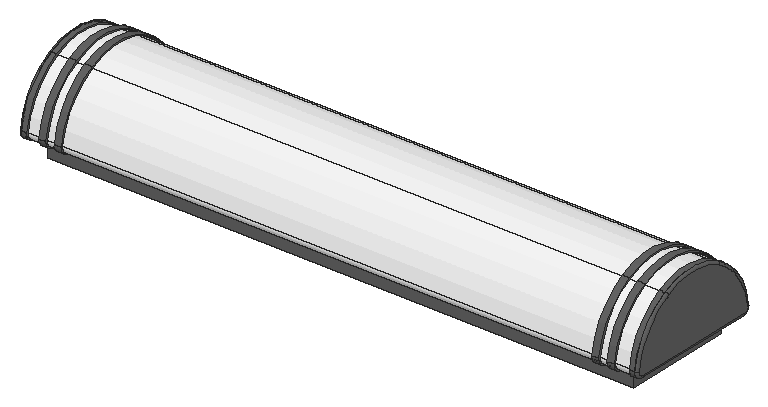
Revit family "AFX-Palmer-LED_Vanity-1", category Lighting Fixtures, host Face, Revit 2021
Family settings
  Host = Face
  Round Connector Dimension = Use Diameter
  Part Type = Normal
  Cut with Voids When Loaded = No
  Light Source = Yes
  Shared = No
  Room Calculation Point = No
Parameters (values of type "PLMV2406LAJUDBK")
  Wattage Comments = "25W"
  Wattage = 9.2903 W
  built-in parameter 1150110 = 1 (stored number, unit not read)
  Voltage = 120 V
  URL = "https://www.afxinc.com/"
  Type Comments = "Palmer"  # constant formula
  built-in parameter 1114217 = 1 (stored number, unit not read)
  Tilt Angle = 90.00°
  built-in parameter 1150109 = 1 (stored number, unit not read)
  built-in parameter 1150134 = 3
  Sustainability = "https://lamprecycle.org/en/"
  built-in parameter 1150113 = 1 (stored number, unit not read)
  Supports Finish = AFX - Black Steel
  Revit File Built By = "https://servex-us.com/servex-revit/"
  Product Documentation Link = "https://www.afxinc.com/products/productDetail.cfm?productID=2423"
  Photometric Web File = "PLMV2406LAJUDBK_3000K_IES.IES"
  built-in parameter 1150142 = "IESNA:LM-63-2002\r\n[TEST] LCZP23110088\r\n[TESTLAB] LCTECH 231115105006\r\n[TESTDATE] 2023/11/17\r\n[ISSUEDATE] 2023/11/17\r\n[MANUFAC] AFX\r\n[LUMCAT] PLMV2406LAJUD**\r\n[LUMINAIRE] LED µÆ??\r\n[LAMPCAT] \r\n[LAMP] \r\n[LumELE] 119.98 0.196 23.37 0.9933\r\nTILT=NONE\r\n1 2366.78 1 37 7 1 2 0.135 0.595 0.065\r\n1 1 23.37\r\n0.00 5.00 10.00 15.00 20.00 25.00 30.00 35.00 40.00 45.00 50.00 55.00 60.00 65.00 70.00 75.00 80.00 85.00 90.00 95.00 100.00 105.00 110.00 115.00 120.00 125.00 130.00 135.00 140.00 145.00 150.00 155.00 160.00 165.00 170.00 175.00 180.00\r\n0.00 15.00 30.00 45.00 60.00 75.00 90.00\r\n558.007 555.299 546.721 532.274 513.313 489.385 461.846 429.341 393.224 355.301 311.96 269.523 240.178 178.779 130.473 87.584 47.404 16.253 2.257 2.709 3.612 6.32 8.578 11.287 13.995 16.253 18.51 20.767 22.573 24.379 25.733 27.539 28.442 27.539 25.282 \r\n27.539 13.659\r\n558.007 555.075 546.73 533.423 514.702 491.02 463.954 432.151 403.963 360.652 320.731 279.455 237.503 194.875 153.599 115.481 88.185 55.26 36.314 25.262 19.623 16.465 15.337 15.563 16.014 17.593 18.946 20.525 22.104 23.908 25.262 26.39 26.615 25.713 \r\n24.585 27.065 13.659\r\n558.007 555.078 547.866 534.795 521.273 496.257 470.565 441.944 410.392 376.362 340.754 304.47 268.411 232.804 198.548 166.32 137.699 111.782 90.823 74.146 62.652 50.707 42.82 36.96 32.678 29.072 27.495 26.593 26.368 26.593 27.269 27.72 28.171 27.269 \r\n25.466 26.593 13.659\r\n558.007 555.981 549.22 537.50 522.853 503.696 481.16 456.142 428.196 398.223 367.798 336.698 304.696 273.822 243.623 215.002 187.731 163.392 141.758 121.699 104.573 89.923 76.853 66.258 58.592 49.356 42.595 37.637 34.256 32.002 30.652 30.652 30.652 29.976\r\n 27.949 26.592 13.659\r\n558.007 555.986 549.701 540.05 524.10 510.645 491.343 469.345 445.328 419.741 392.806 364.523 336.466 308.633 280.576 253.642 227.379 202.69 180.692 158.918 140.063 122.332 106.619 92.254 79.907 68.46 59.033 50.054 44.215 38.382 35.24 32.548 32.099 31.429\r\n 29.855 26.71 13.659\r\n558.007 556.448 551.309 542.595 530.535 515.791 498.591 478.708 456.815 434.482 409.237 383.995 358.085 331.281 304.474 277.892 252.421 228.076 205.294 182.951 162.627 143.415 125.987 109.684 95.162 82.205 70.145 59.423 50.487 43.338 38.42 35.071 32.834 \r\n32.615 30.606 27.694 13.659\r\n558.007 556.683 551.385 542.556 531.961 516.951 501.059 481.193 461.769 439.254 415.415 390.693 365.089 339.484 312.113 286.067 260.462 236.182 212.784 190.711 169.963 150.98 132.88 115.663 100.653 86.968 74.166 63.129 52.975 45.029 39.732 35.758 33.11 \r\n32.668 31.344 26.046 13.659\r\n"
  Model = "PLMV2406LAJUDBK"
  Manufacturer = "AFX Inc"  # constant formula
  built-in parameter 1150105 = 109.82 (stored number, unit not read)
  Lumens = 1380 lm
  built-in parameter 1150115 = 1 (stored number, unit not read)
  built-in parameter 1150137 = (empty or 0)
  built-in parameter 1150139 = (empty or 0)
  Length = 24"
  built-in parameter 1150112 = 1 (stored number, unit not read)
  built-in parameter 1150114 = 1 (stored number, unit not read)
  Lamp = ""
  Keynote = "12500"  # constant formula
  built-in parameter 1150132 = (empty or 0)
  built-in parameter 1150102 = (empty or 0)
  built-in parameter 1150107 = 3200 (stored number, unit not read)
  built-in parameter 1150138 = (empty or 0)
  built-in parameter 1150106 = 1.0982 (stored number, unit not read)
  Housing Finish = AFX - Black Steel
  Height = 5 1/2"
  Emit from Rectangle Width = Length - 1/4"  # 23 3/4"
  Emit from Rectangle Length = 5"
  Emit Shape Visible in Rendering = no
  built-in parameter 1150104 = 13.8 (stored number, unit not read)
  Dimming Lamp Color Temperature Shift = <None>
  Diffuser Finish = AFX - White Acrylic
  Description = "LED Vanity - 24\"L x 5 1/2\"H x 3 1/2\"D"
  Depth = 3 1/2"
  Default Elevation = 48"
  Colour Rendering Index = "80"
  Color Filter = 16777215
  Cap Finish = AFX - Black Steel
  built-in parameter 1114218 = 1 (stored number, unit not read)
  built-in parameter 1150133 = 10 (stored number, unit not read)
  Assembly Code = "D5020200"
  Apparent Load = 0 VA
Types (4): name | Product Documentation Link | Photometric Web File | built-in parameter 1150142 | Model | Length | Emit from Rectangle Width | Description
  (no name) | "https://www.afxinc.com/products/productDetail.cfm?productID=2423" | "PLMV2406LAJUDBK_3000K_IES.IES" | "IESNA:LM-63-2002\r\n[TEST] LCZP23110088\r\n[TESTLAB] LCTECH 231115105006\r\n[TESTDATE] 2023/11/17\r\n[ISSUEDATE] 2023/11/17\r\n[MANUFAC] AFX\r\n[LUMCAT] PLMV2406LAJUD**\r\n[LUMINAIRE] LED µÆ??\r\n[LAMPCAT] \r\n[LAMP] \r\n[LumELE] 119.98 0.196 23.37 0.9933\r\nTILT=NONE\r\n1 2366.78 1 37 7 1 2 0.135 0.595 0.065\r\n1 1 23.37\r\n0.00 5.00 10.00 15.00 20.00 25.00 30.00 35.00 40.00 45.00 50.00 55.00 60.00 65.00 70.00 75.00 80.00 85.00 90.00 95.00 100.00 105.00 110.00 115.00 120.00 125.00 130.00 135.00 140.00 145.00 150.00 155.00 160.00 165.00 170.00 175.00 180.00\r\n0.00 15.00 30.00 45.00 60.00 75.00 90.00\r\n558.007 555.299 546.721 532.274 513.313 489.385 461.846 429.341 393.224 355.301 311.96 269.523 240.178 178.779 130.473 87.584 47.404 16.253 2.257 2.709 3.612 6.32 8.578 11.287 13.995 16.253 18.51 20.767 22.573 24.379 25.733 27.539 28.442 27.539 25.282 \r\n27.539 13.659\r\n558.007 555.075 546.73 533.423 514.702 491.02 463.954 432.151 403.963 360.652 320.731 279.455 237.503 194.875 153.599 115.481 88.185 55.26 36.314 25.262 19.623 16.465 15.337 15.563 16.014 17.593 18.946 20.525 22.104 23.908 25.262 26.39 26.615 25.713 \r\n24.585 27.065 13.659\r\n558.007 555.078 547.866 534.795 521.273 496.257 470.565 441.944 410.392 376.362 340.754 304.47 268.411 232.804 198.548 166.32 137.699 111.782 90.823 74.146 62.652 50.707 42.82 36.96 32.678 29.072 27.495 26.593 26.368 26.593 27.269 27.72 28.171 27.269 \r\n25.466 26.593 13.659\r\n558.007 555.981 549.22 537.50 522.853 503.696 481.16 456.142 428.196 398.223 367.798 336.698 304.696 273.822 243.623 215.002 187.731 163.392 141.758 121.699 104.573 89.923 76.853 66.258 58.592 49.356 42.595 37.637 34.256 32.002 30.652 30.652 30.652 29.976\r\n 27.949 26.592 13.659\r\n558.007 555.986 549.701 540.05 524.10 510.645 491.343 469.345 445.328 419.741 392.806 364.523 336.466 308.633 280.576 253.642 227.379 202.69 180.692 158.918 140.063 122.332 106.619 92.254 79.907 68.46 59.033 50.054 44.215 38.382 35.24 32.548 32.099 31.429\r\n 29.855 26.71 13.659\r\n558.007 556.448 551.309 542.595 530.535 515.791 498.591 478.708 456.815 434.482 409.237 383.995 358.085 331.281 304.474 277.892 252.421 228.076 205.294 182.951 162.627 143.415 125.987 109.684 95.162 82.205 70.145 59.423 50.487 43.338 38.42 35.071 32.834 \r\n32.615 30.606 27.694 13.659\r\n558.007 556.683 551.385 542.556 531.961 516.951 501.059 481.193 461.769 439.254 415.415 390.693 365.089 339.484 312.113 286.067 260.462 236.182 212.784 190.711 169.963 150.98 132.88 115.663 100.653 86.968 74.166 63.129 52.975 45.029 39.732 35.758 33.11 \r\n32.668 31.344 26.046 13.659\r\n" | "PLMV2406LAJUDBK" | 24" | 23 3/4" | "LED Vanity - 24\"L x 5 1/2\"H x 3 1/2\"D"
  PLMV2406LAJUDBK | "https://www.afxinc.com/products/productDetail.cfm?productID=2423" | "PLMV2406LAJUDBK_3000K_IES.IES" | "IESNA:LM-63-2002\r\n[TEST] LCZP23110088\r\n[TESTLAB] LCTECH 231115105006\r\n[TESTDATE] 2023/11/17\r\n[ISSUEDATE] 2023/11/17\r\n[MANUFAC] AFX\r\n[LUMCAT] PLMV2406LAJUD**\r\n[LUMINAIRE] LED µÆ??\r\n[LAMPCAT] \r\n[LAMP] \r\n[LumELE] 119.98 0.196 23.37 0.9933\r\nTILT=NONE\r\n1 2366.78 1 37 7 1 2 0.135 0.595 0.065\r\n1 1 23.37\r\n0.00 5.00 10.00 15.00 20.00 25.00 30.00 35.00 40.00 45.00 50.00 55.00 60.00 65.00 70.00 75.00 80.00 85.00 90.00 95.00 100.00 105.00 110.00 115.00 120.00 125.00 130.00 135.00 140.00 145.00 150.00 155.00 160.00 165.00 170.00 175.00 180.00\r\n0.00 15.00 30.00 45.00 60.00 75.00 90.00\r\n558.007 555.299 546.721 532.274 513.313 489.385 461.846 429.341 393.224 355.301 311.96 269.523 240.178 178.779 130.473 87.584 47.404 16.253 2.257 2.709 3.612 6.32 8.578 11.287 13.995 16.253 18.51 20.767 22.573 24.379 25.733 27.539 28.442 27.539 25.282 \r\n27.539 13.659\r\n558.007 555.075 546.73 533.423 514.702 491.02 463.954 432.151 403.963 360.652 320.731 279.455 237.503 194.875 153.599 115.481 88.185 55.26 36.314 25.262 19.623 16.465 15.337 15.563 16.014 17.593 18.946 20.525 22.104 23.908 25.262 26.39 26.615 25.713 \r\n24.585 27.065 13.659\r\n558.007 555.078 547.866 534.795 521.273 496.257 470.565 441.944 410.392 376.362 340.754 304.47 268.411 232.804 198.548 166.32 137.699 111.782 90.823 74.146 62.652 50.707 42.82 36.96 32.678 29.072 27.495 26.593 26.368 26.593 27.269 27.72 28.171 27.269 \r\n25.466 26.593 13.659\r\n558.007 555.981 549.22 537.50 522.853 503.696 481.16 456.142 428.196 398.223 367.798 336.698 304.696 273.822 243.623 215.002 187.731 163.392 141.758 121.699 104.573 89.923 76.853 66.258 58.592 49.356 42.595 37.637 34.256 32.002 30.652 30.652 30.652 29.976\r\n 27.949 26.592 13.659\r\n558.007 555.986 549.701 540.05 524.10 510.645 491.343 469.345 445.328 419.741 392.806 364.523 336.466 308.633 280.576 253.642 227.379 202.69 180.692 158.918 140.063 122.332 106.619 92.254 79.907 68.46 59.033 50.054 44.215 38.382 35.24 32.548 32.099 31.429\r\n 29.855 26.71 13.659\r\n558.007 556.448 551.309 542.595 530.535 515.791 498.591 478.708 456.815 434.482 409.237 383.995 358.085 331.281 304.474 277.892 252.421 228.076 205.294 182.951 162.627 143.415 125.987 109.684 95.162 82.205 70.145 59.423 50.487 43.338 38.42 35.071 32.834 \r\n32.615 30.606 27.694 13.659\r\n558.007 556.683 551.385 542.556 531.961 516.951 501.059 481.193 461.769 439.254 415.415 390.693 365.089 339.484 312.113 286.067 260.462 236.182 212.784 190.711 169.963 150.98 132.88 115.663 100.653 86.968 74.166 63.129 52.975 45.029 39.732 35.758 33.11 \r\n32.668 31.344 26.046 13.659\r\n" | "PLMV2406LAJUDBK" | 24" | 23 3/4" | "LED Vanity - 24\"L x 5 1/2\"H x 3 1/2\"D"
  PLMV3606LAJUDBK | "https://www.afxinc.com/products/productDetail.cfm?productID=2426" | "PLMV3606LAJUDBK_3000K_IES.IES" | "IESNA:LM-63-2002\r\n[TEST] \r\n[TESTLAB] LCTECH 231115105007\r\n[TESTDATE] 2023/11/17\r\n[ISSUEDATE] 2023/11/17\r\n[MANUFAC] AFX\r\n[LUMCAT] PLMV3606LAJUD**\r\n[LUMINAIRE] LED µÆ??\r\n[LAMPCAT] \r\n[LAMP] \r\n[LumELE] 120.01 0.239 28.55 0.9937\r\nTILT=NONE\r\n1 2687.06 1 37 7 1 2 0.135 0.9 0.07\r\n1 1 28.55\r\n0.00 5.00 10.00 15.00 20.00 25.00 30.00 35.00 40.00 45.00 50.00 55.00 60.00 65.00 70.00 75.00 80.00 85.00 90.00 95.00 100.00 105.00 110.00 115.00 120.00 125.00 130.00 135.00 140.00 145.00 150.00 155.00 160.00 165.00 170.00 175.00 180.00\r\n0.00 15.00 30.00 45.00 60.00 75.00 90.00\r\n627.094 624.375 614.86 599.908 579.065 552.785 522.427 486.632 447.665 404.621 357.045 309.016 277.299 204.802 151.336 99.683 54.372 18.124 3.172 2.719 5.89 9.515 13.593 17.671 21.749 26.28 29.905 33.076 36.701 39.873 42.139 41.232 38.967 38.061 40.779 \r\n44.857 22.379\r\n627.094 623.474 614.878 600.399 580.039 554.25 524.387 489.324 459.246 410.371 364.90 318.75 270.338 222.151 175.778 131.437 99.756 61.987 40.496 28.053 21.718 19.456 19.682 21.492 23.528 26.016 28.731 30.767 33.255 35.065 37.102 38.233 38.46 40.042 \r\n41.851 45.47 22.379\r\n627.094 624.61 616.479 602.02 588.027 560.227 531.768 499.914 464.675 425.594 385.834 344.50 303.157 262.723 223.866 187.724 154.291 126.052 102.335 82.681 70.701 56.928 48.796 43.148 39.307 37.274 37.048 37.725 38.63 39.984 41.566 43.146 42.019 39.985 \r\n42.016 45.179 22.379\r\n627.094 624.393 616.516 604.361 587.254 566.771 540.66 513.427 481.238 448.153 412.814 377.025 341.909 307.023 273.256 240.847 210.461 183.00 158.69 136.409 117.949 100.842 87.112 75.183 67.519 57.848 51.771 47.72 46.369 45.469 44.795 45.919 45.697 43.446\r\n 42.315 44.338 22.379\r\n627.094 625.303 618.342 607.345 588.683 573.458 551.238 526.546 499.388 470.666 440.818 408.722 377.528 345.658 314.01 283.932 254.751 228.273 203.137 179.57 157.799 138.268 120.537 105.274 91.134 79.462 68.914 60.607 55.21 51.179 49.383 47.587 48.036 \r\n46.921 44.223 43.084 22.379\r\n627.094 624.425 618.624 608.598 595.01 577.625 558.017 535.955 510.772 484.923 457.743 429.214 399.579 370.164 340.072 310.889 282.365 255.174 229.986 205.259 183.637 162.021 142.633 124.582 108.314 93.825 81.123 70.199 61.289 55.495 52.374 49.92 48.803 \r\n48.808 46.37 43.228 22.379\r\n627.094 624.901 618.762 609.114 595.958 579.733 560.438 539.827 515.27 490.273 463.085 436.335 407.392 378.01 349.506 319.686 291.182 264.87 238.997 214.44 191.198 169.71 149.538 131.558 114.894 99.546 85.951 74.111 64.463 57.447 53.50 50.869 48.677 \r\n49.115 49.115 40.345 22.379\r\n" | "PLMV3606LAJUDBK" | 36" | 35 3/4" | "LED Vanity - 36\"L x 5 1/2\"H x 3 1/2\"D"
  PLMV4806LAJUDBK | "https://www.afxinc.com/products/productDetail.cfm?productID=2427" | "PLMV4806LAJUDSN_3000K_IES.IES" | "IESNA:LM-63-2002\r\n[TEST] \r\n[TESTLAB] LCTECH 231115105008\r\n[TESTDATE] 2023/11/17\r\n[ISSUEDATE] 2023/11/17\r\n[MANUFAC] AFX\r\n[LUMCAT] PLMV4806LAJUD**\r\n[LUMINAIRE] LED µÆ??\r\n[LAMPCAT] \r\n[LAMP] \r\n[LumELE] 120.01 0.32 38.1 0.9921\r\nTILT=NONE\r\n1 3880.9 1 37 7 1 2 0.135 1.2 0.07\r\n1 1 38.1\r\n0.00 5.00 10.00 15.00 20.00 25.00 30.00 35.00 40.00 45.00 50.00 55.00 60.00 65.00 70.00 75.00 80.00 85.00 90.00 95.00 100.00 105.00 110.00 115.00 120.00 125.00 130.00 135.00 140.00 145.00 150.00 155.00 160.00 165.00 170.00 175.00 180.00\r\n0.00 15.00 30.00 45.00 60.00 75.00 90.00\r\n886.00 881.471 868.335 847.045 818.055 783.63 740.598 690.772 635.51 574.36 510.492 438.923 395.892 292.616 216.97 143.59 78.363 26.272 4.077 4.53 9.059 14.042 19.93 25.819 31.708 37.143 42.126 47.108 51.638 53.903 54.356 54.809 57.527 60.697 63.868 \r\n67.492 32.84\r\n886.00 880.802 869.049 848.707 820.68 784.97 743.385 695.241 652.33 584.266 520.757 455.663 387.632 320.963 252.476 191.001 146.217 91.552 61.039 42.729 34.137 30.519 29.839 32.098 34.584 37.748 41.59 44.979 48.37 51.311 50.86 51.537 54.70 59.219 63.061 \r\n67.58 32.84\r\n886.00 882.177 870.704 851.357 831.595 793.767 754.844 710.524 661.938 607.714 552.378 495.681 436.518 379.368 324.918 272.721 226.378 185.428 151.231 124.224 106.647 86.647 74.944 66.391 60.537 56.484 54.907 54.907 55.58 57.377 58.28 57.384 58.28 59.854 \r\n63.00 66.823 32.84\r\n886.00 882.619 872.283 855.427 832.504 803.513 769.574 730.694 688.225 642.37 594.276 544.607 494.265 445.49 397.861 352.233 308.857 270.196 235.135 203.447 175.122 151.972 131.965 114.878 102.943 88.573 79.133 71.936 67.663 65.638 64.067 63.172 61.373 \r\n61.143 63.387 66.08 32.84\r\n886.00 882.186 873.898 858.656 833.948 813.141 783.555 749.035 712.057 671.249 630.218 587.422 543.701 499.986 455.606 413.23 371.984 334.552 299.125 265.27 234.327 205.626 180.746 157.637 137.468 119.973 104.721 91.716 82.725 74.669 71.082 67.715 66.154 \r\n63.247 61.891 64.339 32.84\r\n886.00 883.763 875.691 862.016 844.089 820.992 794.544 765.174 731.319 697.026 657.59 619.24 578.436 536.963 496.171 454.46 415.008 375.777 339.679 304.701 272.418 241.486 213.228 187.218 163.229 142.158 123.544 106.952 93.05 82.06 75.782 71.746 69.05 \r\n67.721 64.144 62.329 32.84\r\n886.00 882.921 875.002 861.805 845.088 821.772 797.576 767.662 735.547 701.234 664.28 626.447 586.414 548.141 506.789 465.436 425.843 387.13 351.057 316.303 283.749 252.514 223.04 196.205 172.449 150.013 129.337 111.74 97.222 84.465 77.426 73.027 69.068 \r\n69.068 69.068 56.31 32.84\r\n" | "PLMV4806LAJUDBK" | 48" | 47 3/4" | "LED Vanity - 48\"L x 5 1/2\"H x 3 1/2\"D"
Reference planes (in)
  plane 1 "Center (Front/Back)": y = 0.13952
  plane 2: z = 0
  plane 3 "Center (Left/Right)": x = 0
  plane 4: x = -12
  plane 5: x = 12
  plane 6: y = 2.88952
  plane 7: y = -2.61048
  plane 8: z = 0.6811
  plane 9: z = 3.5
  plane 10: x = -11.875
  plane 11: x = 11.875
Forms (in)
  Sweep 1, solid, material "AFX - Black Steel" <- "Cap Finish"
    path origin (0, 0, 0) x (0, 1, 0) y (0, 0, 1)
      loop
        arc (2.57735, 0.6811) -> (2.78739, 0.7753) -> (2.85672, 0.9948) r 0.28125
        arc (2.85672, 0.9948) -> (2.39, 2.23618) -> (1.39576, 3.11386) r 2.74502
        arc (1.39576, 3.11386) -> (0.13952, 3.42077) -> (-1.11672, 3.11386) r 2.72445
        arc (-1.11672, 3.11386) -> (-2.11096, 2.23618) -> (-2.57768, 0.9948) r 2.74502
        arc (-2.57768, 0.9948) -> (-2.50834, 0.7753) -> (-2.29831, 0.6811) r 0.28125
        line (-2.29831, 0.6811) -> (2.57735, 0.6811)
    profile origin (0, 0.13952, 0.6811) x (0, 0, -1) y (1, 0, 0)
      loop
        line (0, -11.68504) -> (-0.03125, -11.68504) -> (-0.03125, -11.90295)
        arc (-0.03125, -11.90295) -> (-0.05052, -11.94948) -> (-0.09705, -11.96875) r 0.0658
        line (-0.09705, -11.96875) -> (-0.25, -11.96875) -> (-0.25, -12) -> (-0.09705, -12)
        arc (-0.09705, -12) -> (-0.02843, -11.97157) -> (0, -11.90295) r 0.09705
        line (0, -11.90295) -> (0, -11.68504)
      loop
        line (0, 11.68504) -> (0, 11.90295)
        arc (0, 11.90295) -> (-0.02843, 11.97157) -> (-0.09705, 12) r 0.09705
        line (-0.09705, 12) -> (-0.25, 12) -> (-0.25, 11.96875) -> (-0.09705, 11.96875)
        arc (-0.09705, 11.96875) -> (-0.05052, 11.94948) -> (-0.03125, 11.90295) r 0.0658
        line (-0.03125, 11.90295) -> (-0.03125, 11.68504) -> (0, 11.68504)
  Sweep 2, solid, material "AFX - Black Steel" <- "Supports Finish"
    path origin (0, 0, 0) x (0, 1, 0) y (0, 0, 1)
      loop
        arc (2.6797, 0.70695) -> (2.8725, 0.81671) -> (2.93122, 1.03065) r 0.28986
        arc (2.93122, 1.03065) -> (2.44694, 2.29228) -> (1.43178, 3.18429) r 2.82314
        arc (1.43178, 3.18429) -> (0.13952, 3.5) -> (-1.15274, 3.18429) r 2.80258
        arc (-1.15274, 3.18429) -> (-2.1679, 2.29228) -> (-2.65218, 1.03065) r 2.82314
        arc (-2.65218, 1.03065) -> (-2.59346, 0.81671) -> (-2.40066, 0.70695) r 0.28986
    profile origin (0, 0.13952, 3.5) x (0, 0, -1) y (1, 0, 0)
      loop
        line (0, -10.88583) -> (0, -11.16142) -> (0.03942, -11.16142) -> (0.03942, -10.88583) -> (0, -10.88583)
      loop
        line (0.03942, -10.57087) -> (0.03942, -10.29528) -> (0, -10.29528) -> (0, -10.57087) -> (0.03942, -10.57087)
      loop
        line (0, 10.88583) -> (0.03942, 10.88583) -> (0.03942, 11.16142) -> (0, 11.16142) -> (0, 10.88583)
      loop
        line (0.03942, 10.57087) -> (0, 10.57087) -> (0, 10.29528) -> (0.03942, 10.29528) -> (0.03942, 10.57087)
  Extrusion 3, solid, material "AFX - Black Steel" <- "Cap Finish"
    sketch origin (0, 0, 0) x (0, 1, 0) y (0, 0, 1)
      loop
        arc (1.28049, 2.89202) -> (0.13952, 3.17077) -> (-1.00144, 2.89202) r 2.47445
        arc (-1.00144, 2.89202) -> (-1.90513, 2.09427) -> (-2.32935, 0.96596) r 2.49502
        arc (-2.32935, 0.96596) -> (-2.32165, 0.94157) -> (-2.29831, 0.9311) r 0.03125
        line (-2.29831, 0.9311) -> (2.57735, 0.9311)
        arc (2.57735, 0.9311) -> (2.60069, 0.94157) -> (2.60839, 0.96596) r 0.03125
        arc (2.60839, 0.96596) -> (2.18418, 2.09427) -> (1.28049, 2.89202) r 2.49502
    from -12 to -11.96875
  Extrusion 4, solid, material "AFX - Black Steel" <- "Cap Finish"
    sketch origin (0, 0, 0) x (0, 1, 0) y (0, 0, 1)
      loop
        arc (1.28049, 2.89202) -> (0.13952, 3.17077) -> (-1.00144, 2.89202) r 2.47445
        arc (-1.00144, 2.89202) -> (-1.90513, 2.09427) -> (-2.32935, 0.96596) r 2.49502
        arc (-2.32935, 0.96596) -> (-2.32165, 0.94157) -> (-2.29831, 0.9311) r 0.03125
        line (-2.29831, 0.9311) -> (2.57735, 0.9311)
        arc (2.57735, 0.9311) -> (2.60069, 0.94157) -> (2.60839, 0.96596) r 0.03125
        arc (2.60839, 0.96596) -> (2.18418, 2.09427) -> (1.28049, 2.89202) r 2.49502
    from 11.96875 to 12
  Extrusion 5, solid, material "AFX - White Acrylic" <- "Diffuser Finish"
    sketch origin (0, 0, 0) x (0, 1, 0) y (0, 0, 1)
      loop
        arc (-1.10231, 3.08613) -> (-2.08523, 2.21844) -> (-2.54664, 0.9912) r 2.71377
        arc (-2.54664, 0.9912) -> (-2.48501, 0.79609) -> (-2.29831, 0.71235) r 0.25
        line (-2.29831, 0.71235) -> (2.57735, 0.71235)
        arc (2.57735, 0.71235) -> (2.76405, 0.79609) -> (2.82568, 0.9912) r 0.25
        arc (2.82568, 0.9912) -> (2.36427, 2.21844) -> (1.38135, 3.08613) r 2.71377
        arc (1.38135, 3.08613) -> (0.13952, 3.38952) -> (-1.10231, 3.08613) r 2.6932
    from -11.875 to 11.875
  Extrusion 6, solid, material "AFX - Black Steel" <- "Housing Finish"
    sketch origin (0, 0, 0) x (1, 0, 0) y (0, 1, 0)
      loop
        line (-11.38583, 2.25243) -> (-11.38583, -1.97339) -> (11.38583, -1.97339) -> (11.38583, 2.25243) -> (-11.38583, 2.25243)
    from 0 to 0.6811
Cuts and joins
  joined: Sweep 1, Extrusion 3, Extrusion 4
Lines and regions (in)
  symbolic lines
    curve 1: line (-11.68504, 0.13952, 0.6811) -> (-11.68504, 0.13952, 3.42077)
    curve 2: line (-11.68504, 0.13952, 3.42077) -> (-11.90625, 0.13952, 3.42077)
    curve 3: line (-12, 0.13952, 3.32702) -> (-12, 0.13952, 0.77485)
    curve 4: line (-11.90625, 0.13952, 0.6811) -> (-11.68504, 0.13952, 0.6811)
    curve 5: arc (-12, 0.13952, 0.77485) -> (-11.97254, 0.13952, 0.70856) -> (-11.90625, 0.13952, 0.6811) r 0.09375
    curve 6: arc (-11.90625, 0.13952, 3.42077) -> (-11.97254, 0.13952, 3.39331) -> (-12, 0.13952, 3.32702) r 0.09375
    curve 7: line (-11.38583, 0.13952, 0.6811) -> (-11.38583, 0.13952, 0)
    curve 8: line (11.38583, 0.13952, 0.6811) -> (-11.38583, 0.13952, 0.6811)
    curve 9: line (-11.38583, 0.13952, 0) -> (11.38583, 0.13952, 0)
    curve 10: line (11.38583, 0.13952, 0) -> (11.38583, 0.13952, 0.6811)
    curve 11: line (11.68504, 0.13952, 3.42077) -> (11.68504, 0.13952, 0.6811)
    curve 12: line (12, 0.13952, 0.77485) -> (12, 0.13952, 3.32702)
    curve 13: line (11.68504, 0.13952, 3.42077) -> (11.90625, 0.13952, 3.42077)
    curve 14: line (11.68504, 0.13952, 0.6811) -> (11.90625, 0.13952, 0.6811)
    curve 15: arc (11.90625, 0.13952, 0.6811) -> (11.97254, 0.13952, 0.70856) -> (12, 0.13952, 0.77485) r 0.09375
    curve 16: arc (11.90625, 0.13952, 3.42077) -> (11.97254, 0.13952, 3.39331) -> (12, 0.13952, 3.32702) r 0.09375
    curve 17: line (11.16142, 0.13952, 0.70695) -> (11.16142, 0.13952, 3.5)
    curve 18: line (10.88583, 0.13952, 0.70695) -> (10.88583, 0.13952, 3.5)
    curve 19: line (10.57087, 0.13952, 0.70695) -> (10.57087, 0.13952, 3.5)
    curve 20: line (10.29528, 0.13952, 0.70695) -> (10.29528, 0.13952, 3.5)
    curve 21: line (10.29528, 0.13952, 3.5) -> (10.57087, 0.13952, 3.5)
    curve 22: line (10.88583, 0.13952, 3.5) -> (11.16142, 0.13952, 3.5)
    curve 23: line (10.29528, 0.13952, 0.70695) -> (10.57087, 0.13952, 0.70695)
    curve 24: line (10.88583, 0.13952, 0.70695) -> (11.16142, 0.13952, 0.70695)
    curve 25: line (-11.16142, 0.13952, 0.70695) -> (-11.16142, 0.13952, 3.5)
    curve 26: line (-10.88583, 0.13952, 0.70695) -> (-10.88583, 0.13952, 3.5)
    curve 27: line (-10.57087, 0.13952, 0.70695) -> (-10.57087, 0.13952, 3.5)
    curve 28: line (-10.29528, 0.13952, 0.70695) -> (-10.29528, 0.13952, 3.5)
    curve 29: line (-11.16142, 0.13952, 3.5) -> (-10.88583, 0.13952, 3.5)
    curve 30: line (-10.57087, 0.13952, 3.5) -> (-10.29528, 0.13952, 3.5)
    curve 31: line (-11.16142, 0.13952, 0.70695) -> (-10.88583, 0.13952, 0.70695)
    curve 32: line (-10.57087, 0.13952, 0.70695) -> (-10.29528, 0.13952, 0.70695)
    curve 33: line (-11.68504, 0.13952, 3.38952) -> (-11.16142, 0.13952, 3.38952)
    curve 34: line (-10.88583, 0.13952, 3.38952) -> (-10.57087, 0.13952, 3.38952)
    curve 35: line (-11.68504, 0.13952, 0.71235) -> (-11.16142, 0.13952, 0.71235)
    curve 36: line (-10.88583, 0.13952, 0.71235) -> (-10.57087, 0.13952, 0.71235)
    curve 37: line (-10.29528, 0.13952, 3.38952) -> (10.29528, 0.13952, 3.38952)
    curve 38: line (-10.29528, 0.13952, 0.71235) -> (10.29528, 0.13952, 0.71235)
    curve 39: line (10.57087, 0.13952, 3.38952) -> (10.88583, 0.13952, 3.38952)
    curve 40: line (11.16142, 0.13952, 3.38952) -> (11.68504, 0.13952, 3.38952)
    curve 41: line (10.57087, 0.13952, 0.71235) -> (10.88583, 0.13952, 0.71235)
    curve 42: line (11.16142, 0.13952, 0.71235) -> (11.68504, 0.13952, 0.71235)
Dimensions and locks (in)
  equal spacing: plane 4, plane 3 "Center (Left/Right)", plane 5
  "Length": plane 4 to plane 5
  equal spacing: plane 6, plane 1 "Center (Front/Back)", plane 7
  "Height": plane 6 to plane 7
  locked: plane 8 to plane 2 at 0.6811
  "Depth": plane 9 to plane 2
  Sweep 2 sketch curve to Sweep 2 sketch curve to Sweep 2 sketch curve to Sweep 2 sketch curve to plane 4 = 0.27559" locked, 0.31496" locked, 0.27559" locked, 0.83858" locked
  plane 5 to Sweep 2 sketch curve to Sweep 2 sketch curve to Sweep 2 sketch curve to Sweep 2 sketch curve = 0.83858" locked, 0.27559" locked, 0.31496" locked, 0.27559" locked
  equal spacing: plane 4, Sweep 1 sketch curve, Sweep 1 sketch curve, Sweep 1 sketch curve
  locked: Sweep 1 sketch curve to plane 4 at 0.09705
  Sweep 1 sketch curve to Sweep 1 sketch curve to Sweep 1 sketch curve to plane 5 = 0.21791" locked, 0.0658" locked, 1/32" locked
  locked: plane 5 to Sweep 1 sketch curve at 0.09705
  locked: plane 11 to plane 5 at 0.125
  locked: plane 4 to plane 10 at 0.125
  locked: plane 10 to Extrusion 6 sketch curve at 0.48917
  locked: Extrusion 6 sketch curve to plane 11 at 0.48917
  locked: plane 1 "Center (Front/Back)" to Extrusion 6 sketch curve at 2.11291  (x2)
  aligned and locked: host face to plane 2
  aligned and locked: level to host face
  aligned and locked: Sweep 1 sketch curve to plane 4
  aligned and locked: plane 8 to Sweep 1 sketch curve
  aligned and locked: Sweep 1 sketch curve to plane 5
  aligned and locked: Sweep 1 sketch curve to plane 8
  aligned and locked: Sweep 1 to Extrusion 3  (x2)
  aligned and locked: cut or joined group of Sweep 1, Extrusion 3, Extrusion 4 to Extrusion 4  (x2)
  aligned and locked: Extrusion 5 to plane 11
  aligned and locked: Extrusion 5 to plane 10
  aligned and locked: Extrusion 6 to plane 2
  aligned and locked: plane 8 to Extrusion 6
  aligned and locked: curve 1 to cut or joined group of Sweep 1, Extrusion 3, Extrusion 4
  aligned and locked: curve 3 to plane 4
  aligned and locked: curve 4 to plane 8
  aligned and locked: curve 7 to Extrusion 6
  aligned and locked: curve 8 to Extrusion 6
  aligned and locked: curve 9 to Extrusion 6
  aligned and locked: curve 10 to Extrusion 6
  aligned and locked: curve 11 to cut or joined group of Sweep 1, Extrusion 3, Extrusion 4
  aligned and locked: plane 5 to curve 12
  aligned and locked: curve 14 to plane 8
  aligned and locked: curve 17 to Sweep 2
  aligned and locked: curve 18 to Sweep 2
  aligned and locked: curve 19 to Sweep 2
  aligned and locked: curve 20 to Sweep 2
  aligned and locked: curve 25 to Sweep 2
  aligned and locked: curve 26 to Sweep 2
  aligned and locked: curve 27 to Sweep 2
  aligned and locked: curve 28 to Sweep 2
  aligned and locked: curve 31 to Sweep 2
  aligned and locked: curve 32 to Sweep 2
  aligned and locked: imposter light to plane 3 "Center (Left/Right)"
  aligned and locked: plane 1 "Center (Front/Back)" to imposter light
Automatic sketch dimensions
  host sketch curve to host sketch curve = 96"  (x2)
  Sweep 1 sketch curve to plane 8 = 0"
  Sweep 1 sketch curve to plane 1 "Center (Front/Back)" = 0"
  Sweep 1 sketch curve to plane 8 = 0.00303"  (x2)
  plane 1 "Center (Front/Back)" to Sweep 1 sketch curve = 0.00948"
  plane 7 to Sweep 1 sketch curve = 0.31217"
  Sweep 1 sketch curve to plane 1 "Center (Front/Back)" = 0.00948"
  Sweep 1 sketch curve to plane 6 = 0.31217"
  Sweep 1 sketch curve to Sweep 1 sketch curve = 0.01825"
  Sweep 1 sketch curve to Sweep 1 sketch curve = 9/32"  (x2)
  Sweep 1 sketch curve to plane 9 = 0.38614"
  Sweep 1 sketch curve to Sweep 1 sketch curve = 0"  (x5)
  Sweep 2 sketch curve to plane 1 "Center (Front/Back)" = 0"
  Sweep 2 sketch curve to plane 8 = 0.00193"  (x2)
  plane 1 "Center (Front/Back)" to Sweep 2 sketch curve = 0.00948"
  plane 7 to Sweep 2 sketch curve = 0.24591"
  Sweep 2 sketch curve to plane 1 "Center (Front/Back)" = 0.00948"
  Sweep 2 sketch curve to plane 6 = 0.24591"
  Sweep 2 sketch curve to Sweep 2 sketch curve = 0.01825"
  plane 8 to Sweep 2 sketch curve = 0.31346"  (x2)
  Sweep 2 sketch curve to plane 9 = 0.31571"
  Sweep 2 sketch curve to Sweep 2 sketch curve = 0"  (x2)
  plane 8 to Sweep 2 sketch curve = 0.02585"  (x2)
  plane 7 to Sweep 2 sketch curve = 0.20982"
  Sweep 2 sketch curve to plane 6 = 0.20982"
  Sweep 2 sketch curve to profile plane = 0"  (x4)
  Sweep 2 sketch curve to Sweep 2 sketch curve = 0.03942"  (x4)
  Sweep 1 sketch curve to Sweep 1 sketch curve = 0.15295"  (x2)
  Extrusion 3 sketch curve to plane 1 "Center (Front/Back)" = 0"
  Extrusion 3 sketch curve to plane 8 = 0.00303"  (x2)
  plane 1 "Center (Front/Back)" to Extrusion 3 sketch curve = 0.00948"
  plane 7 to Extrusion 3 sketch curve = 0.31217"
  Extrusion 3 sketch curve to plane 1 "Center (Front/Back)" = 0.00948"
  Extrusion 3 sketch curve to plane 6 = 0.31217"
  Extrusion 3 sketch curve to Extrusion 3 sketch curve = 0.01825"
  plane 8 to Extrusion 3 sketch curve = 1/4"
  Extrusion 3 sketch curve to Extrusion 3 sketch curve = 1/32"  (x2)
  Extrusion 3 sketch curve to plane 9 = 0.60798"
  Extrusion 3 sketch curve to Extrusion 3 sketch curve = 0"  (x2)
  profile plane to Sweep 1 sketch curve = 1/32"
  Sweep 1 sketch curve to Sweep 1 sketch curve = 0.21791"
  Extrusion 4 sketch curve to plane 1 "Center (Front/Back)" = 0"
  Extrusion 4 sketch curve to plane 8 = 0.00303"  (x2)
  plane 1 "Center (Front/Back)" to Extrusion 4 sketch curve = 0.00948"
  plane 7 to Extrusion 4 sketch curve = 0.31217"
  Extrusion 4 sketch curve to plane 1 "Center (Front/Back)" = 0.00948"
  Extrusion 4 sketch curve to plane 6 = 0.31217"
  Extrusion 4 sketch curve to Extrusion 4 sketch curve = 0.01825"
  plane 8 to Extrusion 4 sketch curve = 1/4"
  Extrusion 4 sketch curve to Extrusion 4 sketch curve = 1/32"  (x2)
  Extrusion 4 sketch curve to plane 9 = 0.60798"
  Extrusion 4 sketch curve to Extrusion 4 sketch curve = 0"  (x2)
  Extrusion 5 sketch curve to plane 1 "Center (Front/Back)" = 0"
  Extrusion 5 sketch curve to plane 8 = 0.00303"
  plane 1 "Center (Front/Back)" to Extrusion 5 sketch curve = 0.00948"
  Extrusion 5 sketch curve to Extrusion 5 sketch curve = 0.01825"
  Extrusion 5 sketch curve to plane 9 = 0.41387"
  plane 1 "Center (Front/Back)" to Extrusion 5 sketch curve = 1.24183"
  Extrusion 5 sketch curve to Extrusion 5 sketch curve = 0"  (x3)
  Extrusion 5 sketch curve to plane 6 = 0.06384"
  Extrusion 5 sketch curve to Extrusion 5 sketch curve = 0.24833"
  plane 7 to Extrusion 5 sketch curve = 0.31217"
  Extrusion 5 sketch curve to Extrusion 5 sketch curve = 1/4"
  plane 7 to Extrusion 5 sketch curve = 0.06384"
  curve 17 to plane 9 = 0"
  curve 21 to plane 9 = 0"
  curve 30 to plane 9 = 0"
  curve 29 to plane 9 = 0"
  curve 2 to plane 10 = 1/32"
  curve 4 to plane 10 = 1/32"
  curve 13 to plane 11 = 1/32"
  curve 14 to plane 11 = 1/32"
  plane 8 to curve 19 = 0.02585"
  plane 8 to curve 18 = 0.02585"
  curve 12 to plane 9 = 0.17298"
  curve 3 to plane 9 = 0.17298"
  curve 17 to curve 42 = 0.0054"
  curve 19 to curve 41 = 0.0054"
  curve 20 to curve 38 = 0.0054"
  curve 27 to curve 36 = 0.0054"
  curve 25 to curve 35 = 0.0054"
  curve 34 to curve 26 = 0.11048"
  curve 33 to curve 25 = 0.11048"
  curve 37 to curve 28 = 0.11048"
  curve 40 to curve 11 = 1/32"
  curve 39 to curve 18 = 0.11048"
Connectors (in)
  electrical at (0, 0.13952, 0), driven by "Voltage", driven by "Apparent Load"
    settings: on Extrusion 6, index 1, voltage 120 V, apparent load 0 VA, apparent load phase1 0 VA, apparent load phase2 0 VA, apparent load phase3 0 VA, power factor 1, load classification "Lighting", number of poles 1, system type 31, power factor state 1, is connector primary yes, connector utility no, sub classification motor no, connector description ""
